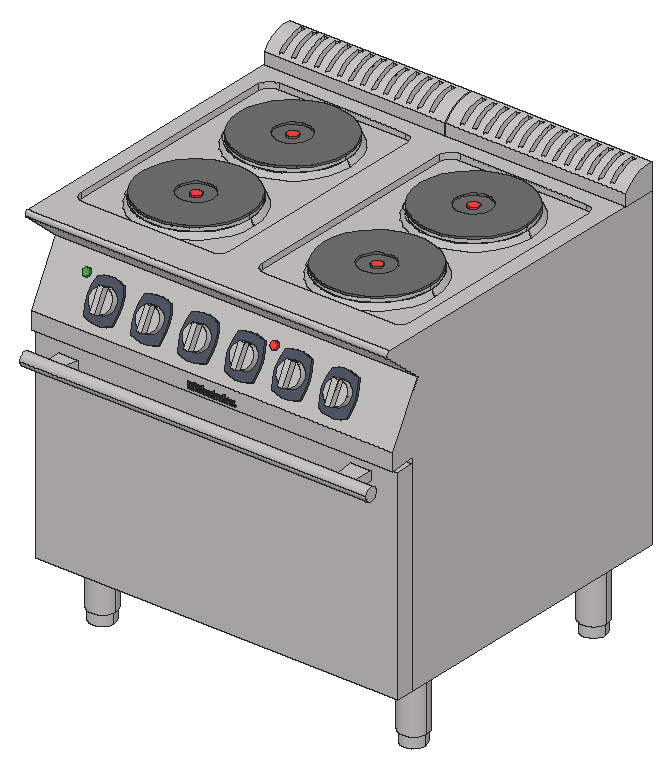
Revit family "QF_ELECTROLUXPROFESSIONAL_371128_E7ECEH4REN", category Specialty Equipment, Revit 2018
Family settings
  Round Connector Dimension = Use Diameter
  Part Type = Normal
  Work Plane-Based = No
  Always vertical = Yes
  Cut with Voids When Loaded = No
  Shared = No
  Room Calculation Point = No
Parameters
  Width = 800.1 mm  # constant formula
  Weight in Pounds = 176  # constant formula
  Watts = 16400 VA  # 16400 W
  Volts = 230 V  # constant formula
  URL Cutsheet = "www.electrolux.com/foodservice"
  URL = "www.electrolux.com/foodservice"
  Type Mark [instance] = ""
  Status [instance] = ""
  Specification by User [instance] = ""
  Specification by Manufacturer = ""
  Show Logo [instance] = yes
  Show Clearance [instance] = yes
  Serial Number = ""
  Seismic Rating = ""
  SMACNA No = ""
  Revision Code [instance] = ""
  Phase = 3  # constant formula
  Omniclass Number and Title = ""
  Number of Poles [instance] = 1
  NAFEM Spec ID Number = ""
  Model = "371128"
  Min Ckt Ampacity = 0 A
  Max Overcurrent Protection = 0 A
  Masterspec = ""
  Manufacturer = "ELECTROLUX"
  Item Number [instance] = ""
  Installed By [instance] = ""
  Identify Quantity as Lot [instance] = yes
  Height = 908.1 mm  # constant formula
  HP = "22 HP"
  Furnished By [instance] = ""
  Foodservice Equipment Identifier [instance] = yes
  FL Amps = if(Phase = 3, Watts / (Volts * 1.73), Watts / Volts)  # 41.2164 A
  Electrical Remarks [instance] = "230 V/3 ph/50/60 Hz"  # constant formula
  Electric Connection Type [instance] = ""
  Elec Conn RI Height [instance] = 0 mm
  Elec Conn Connection Height [instance] = 0 mm
  Direct Waste Size = 0"
  Description = "700XP 4 Hot Plate Electric Boiling Top 2.6KW on Electric Oven - 230V"
  Depth = 730.25 mm  # constant formula
  Cycle = if([60 Hertz Option], 60 Hz, 50 Hz)  # 60 Hz
  Conn Plug = ""
  Conn Conduit = yes
  CSI MasterFormat = ""
  CSI Master Format = ""
  Base Height [instance] = 150 mm  # constant formula
  Apparent Power = if(Phase = 3, Volts * FL Amps * 1.73, Volts * FL Amps)  # 16400 VA
  60 Hertz Option = not([50 Hertz Option])  # yes
  50 Hertz Option = no
Reference planes
  plane 1 "BACK": y = 0
  plane 2: z = 0
  plane 3 "LEFT": x = 0
  plane 4 "RIGHT": x = 800.1
  plane 5 "FRONT": y = -730.25
  plane 6 "TOP": z = 908.1
  plane 7 "Center Y": x = 400.05
  plane 8 "Center X": y = -365.125
  plane 9 "TOP A": z = 851
  plane 10: z = 150
Forms (mm)
  Extrusion 1, solid, material "QF_Finishes_Stainless Steel"
    sketch origin (0, 0, 0) x (0, 1, 0) y (0, 0, 1)
      loop
        line (0, 851) -> (-722.928, 851)
        arc (-722.928, 851) -> (-729.69, 846.314) -> (-727.679, 838.336) r 7.223
        line (-727.679, 838.336) -> (-646.919, 767.809) -> (-713.772, 646.19) -> (-713.772, 608.09) -> (-660.4, 613.7) -> (-660.4, 150) -> (0, 150) -> (0, 851)
    from 0 to 800.1
  Extrusion 2, solid, material "QF_Finishes_Clearance", visible <- "Show Clearance", detail levels coarse
    sketch origin (0, 0, 0) x (1, 0, 0) y (0, 1, 0)
      loop
        line (0, -730.25) -> (0, 0) -> (800.1, 0) -> (800.1, -730.25) -> (950.119, -730.25) -> (950.119, 150.019) -> (-150.019, 150.019) -> (-150.019, -730.25) -> (0, -730.25)
    from 0 to 908.1
  Revolve 3, solid, material "QF_Finishes_Stainless Steel"
    sketch origin (0, -587.387, 608.09) x (0, 0, 1) y (-1, 0, 0)
      loop
        line (-608.09, -56) -> (-458.09, -56) -> (-458.09, -26) -> (-583.09, -26) -> (-583.09, -29.75) -> (-608.09, -29.75) -> (-608.09, -56)
      axis (-608.09, -56) -> (-458.09, -56)
    angle from 0 to 360
  Revolve 4, solid, material "QF_Finishes_Stainless Steel"
    sketch origin (400.05, -587.387, 608.09) x (0, 0, 1) y (-1, 0, 0)
      loop
        line (-608.09, -344.05) -> (-608.09, -370.3) -> (-583.09, -370.3) -> (-583.09, -374.05) -> (-458.09, -374.05) -> (-458.09, -344.05) -> (-608.09, -344.05)
      axis (-608.09, -344.05) -> (-458.09, -344.05)
    angle from 0 to 360
  Revolve 5, solid, material "QF_Finishes_Stainless Steel"
    sketch origin (0, -90, 608.09) x (0, 0, 1) y (-1, 0, 0)
      loop
        line (-608.09, -56) -> (-458.09, -56) -> (-458.09, -26) -> (-583.09, -26) -> (-583.09, -29.75) -> (-608.09, -29.75) -> (-608.09, -56)
      axis (-608.09, -56) -> (-458.09, -56)
    angle from 0 to 360
  Revolve 6, solid, material "QF_Finishes_Stainless Steel"
    sketch origin (400.05, -90, 608.09) x (0, 0, 1) y (-1, 0, 0)
      loop
        line (-608.09, -344.05) -> (-608.09, -370.3) -> (-583.09, -370.3) -> (-583.09, -374.05) -> (-458.09, -374.05) -> (-458.09, -344.05) -> (-608.09, -344.05)
      axis (-608.09, -344.05) -> (-458.09, -344.05)
    angle from 0 to 360
  Extrusion 7, solid, material "QF_Finishes_Stainless Steel"
    sketch origin (-77.88, -4572, 150) x (-1, 0, 0) y (0, -1, 0)
      loop
        circle (-830.355, -4059.238) r 12.7
    from 3.2 to 0
  Extrusion 8, solid, material "QF_Finishes_Stainless Steel"
    sketch origin (199.231, -12.7, -7.5) x (0, 1, 0) y (0, 0, 1)
      loop
        circle (-740.063, 582.209) r 14
    from -181.531 to 583.169
  Extrusion 9, solid, material "QF_Finishes_Stainless Steel"
    sketch origin (-23.75, -12.7, 562.009) x (-1, 0, 0) y (0, -1, 0)
      loop
        line (-84.731, 741.563) -> (-118.724, 741.563) -> (-126.38, 700.088) -> (-84.731, 700.088) -> (-84.731, 741.563)
      loop
        line (-762.869, 741.563) -> (-762.869, 687.387) -> (-718.876, 687.387) -> (-728.876, 741.563) -> (-762.869, 741.563)
    from 0 to 21.491
  Extrusion 10, solid, material "QF_Finishes_Navy Blue", visible <- "Show Logo"
    sketch origin (59.194, -713.772, 608.09) x (0, 0, 1) y (-1, 0, 0)
      loop
        line (20.674, -296.698) -> (8.307, -296.698)
        arc (8.307, -296.698) -> (14.491, -301.27) -> (20.674, -296.698) r 6.467
      loop
        arc (20.674, -296.069) -> (19.505, -290.926) -> (14.849, -288.448) r 6.338
        line (14.849, -288.448) -> (14.849, -290.494)
        arc (14.849, -290.494) -> (16.333, -294.149) -> (19.778, -296.069) r 5.941
        line (19.778, -296.069) -> (20.674, -296.069)
      loop
        arc (9.203, -296.069) -> (12.648, -294.149) -> (14.132, -290.494) r 5.941
        line (14.132, -290.494) -> (14.132, -288.448)
        arc (14.132, -288.448) -> (9.438, -290.922) -> (8.148, -296.069) r 6.504
        line (8.148, -296.069) -> (9.203, -296.069)
      loop
        line (21.349, -287.979) -> (7.604, -287.979) -> (7.604, -301.742) -> (21.349, -301.742) -> (21.349, -287.979)
      loop
        arc (21.432, -304.71) -> (21.085, -304.352) -> (20.718, -304.69) r 0.358
        arc (20.718, -304.69) -> (20.404, -305.44) -> (19.687, -305.825) r 1.216
        line (19.687, -305.825) -> (9.274, -305.825)
        arc (9.274, -305.825) -> (8.614, -305.548) -> (8.218, -304.951) r 1.238
        arc (8.218, -304.951) -> (7.823, -304.7) -> (7.518, -305.054) r 0.358
        line (7.518, -305.054) -> (7.518, -314.933) -> (10.269, -314.933) -> (10.269, -314.036)
        arc (10.269, -314.036) -> (9.36, -313.456) -> (8.904, -312.479) r 1.928
        line (8.904, -312.479) -> (8.904, -309.98)
        arc (8.904, -309.98) -> (9.18, -309.251) -> (9.868, -308.887) r 1.101
        line (9.868, -308.887) -> (13.955, -308.887) -> (13.955, -312.561)
        arc (13.955, -312.561) -> (13.602, -313.058) -> (13.037, -313.286) r 1.083
        arc (13.037, -313.286) -> (12.773, -313.591) -> (13.065, -313.869) r 0.292
        line (13.065, -313.869) -> (16.028, -313.869)
        arc (16.028, -313.869) -> (16.33, -313.596) -> (16.092, -313.266) r 0.305
        arc (16.092, -313.266) -> (15.601, -313.018) -> (15.296, -312.561) r 1.083
        line (15.296, -312.561) -> (15.296, -308.887) -> (19.973, -308.887) -> (19.973, -312.635)
        arc (19.973, -312.635) -> (19.759, -313.39) -> (19.153, -313.888) r 1.314
        arc (19.153, -313.888) -> (18.934, -314.292) -> (19.288, -314.585) r 0.361
        line (19.288, -314.585) -> (21.432, -314.585) -> (21.432, -304.71)
      loop
        arc (20.715, -315.365) -> (20.335, -316.284) -> (19.416, -316.664) r 1.299
        line (19.416, -316.664) -> (9.837, -316.664)
        arc (9.837, -316.664) -> (8.999, -316.286) -> (8.728, -315.408) r 1.118
        line (8.728, -315.408) -> (7.518, -315.408) -> (7.518, -320.758) -> (8.706, -320.758)
        arc (8.706, -320.758) -> (8.978, -319.841) -> (9.848, -319.445) r 1.153
        line (9.848, -319.445) -> (21.92, -319.445) -> (20.715, -315.365)
      loop
        line (12.483, -323.394) -> (12.483, -329.842) -> (13.282, -329.842)
        arc (13.282, -329.842) -> (15.862, -328.857) -> (17.131, -326.404) r 3.874
        line (17.131, -326.404) -> (17.131, -324.643)
        arc (17.131, -324.643) -> (15.944, -321.778) -> (13.08, -320.592) r 4.051
        line (13.08, -320.592) -> (11.072, -320.592)
        arc (11.072, -320.592) -> (8.253, -322.077) -> (7.202, -325.084) r 4.352
        arc (7.202, -325.084) -> (7.566, -327.547) -> (8.943, -329.621) r 5.713
        line (8.943, -329.621) -> (9.892, -329.621)
        arc (9.892, -329.621) -> (9.16, -328.052) -> (8.943, -326.334) r 5.579
        arc (8.943, -326.334) -> (9.737, -324.371) -> (11.616, -323.394) r 3.057
        line (11.616, -323.394) -> (12.483, -323.394)
      loop
        line (13.742, -323.394) -> (13.742, -326.977)
        arc (13.742, -326.977) -> (15.199, -327.024) -> (16.082, -325.864) r 1.59
        line (16.082, -325.864) -> (16.082, -325.034)
        arc (16.082, -325.034) -> (15.217, -323.779) -> (13.742, -323.394) r 2.184
      loop
        arc (16.533, -339.259) -> (17.022, -337.585) -> (17.179, -335.848) r 9.023
        line (17.179, -335.848) -> (17.179, -334.486)
        arc (17.179, -334.486) -> (16.02, -331.686) -> (13.22, -330.527) r 3.959
        line (13.22, -330.527) -> (10.62, -330.527)
        arc (10.62, -330.527) -> (8.338, -331.819) -> (7.221, -334.192) r 4.331
        line (7.221, -334.192) -> (7.221, -336.327)
        arc (7.221, -336.327) -> (7.729, -337.877) -> (8.651, -339.223) r 5.772
        arc (8.651, -339.223) -> (9.412, -339.274) -> (9.499, -338.515) r 0.553
        arc (9.499, -338.515) -> (9.111, -337.781) -> (8.977, -336.962) r 2.573
        line (8.977, -336.962) -> (8.977, -335.447)
        arc (8.977, -335.447) -> (9.983, -333.806) -> (11.798, -333.163) r 2.884
        line (11.798, -333.163) -> (13.077, -333.163)
        arc (13.077, -333.163) -> (14.898, -333.723) -> (15.824, -335.388) r 2.554
        line (15.824, -335.388) -> (15.824, -336.441)
        arc (15.824, -336.441) -> (15.493, -337.369) -> (14.836, -338.104) r 2.564
        arc (14.836, -338.104) -> (14.614, -338.821) -> (15.223, -339.259) r 0.643
        line (15.223, -339.259) -> (16.533, -339.259)
      loop
        line (15.515, -339.53) -> (15.515, -341.031) -> (9.467, -341.031)
        arc (9.467, -341.031) -> (7.879, -341.688) -> (7.221, -343.276) r 2.246
        line (7.221, -343.276) -> (7.221, -344.86)
        arc (7.221, -344.86) -> (7.535, -345.725) -> (8.035, -346.496) r 4.06
        arc (8.035, -346.496) -> (8.768, -346.629) -> (9.019, -345.928) r 0.576
        arc (9.019, -345.928) -> (8.913, -345.403) -> (8.977, -344.87) r 1.69
        arc (8.977, -344.87) -> (9.519, -344.082) -> (10.425, -343.779) r 1.506
        line (10.425, -343.779) -> (15.563, -343.779) -> (15.563, -346.176) -> (16.119, -346.733) -> (16.941, -346.733) -> (16.941, -343.873) -> (20.172, -343.873) -> (15.515, -339.53)
      loop
        line (7.438, -347.63) -> (7.438, -353.017) -> (8.548, -353.017)
        arc (8.548, -353.017) -> (8.942, -352.066) -> (9.893, -351.672) r 1.345
        line (9.893, -351.672) -> (13.509, -351.672)
        arc (13.509, -351.672) -> (14.274, -352.264) -> (14.564, -353.186) r 1.615
        line (14.564, -353.186) -> (14.564, -354.742) -> (17.119, -355.427) -> (17.119, -354.044) -> (15.177, -351.485) -> (17.057, -351.485) -> (16.773, -348.779)
        arc (16.773, -348.779) -> (16.333, -348.249) -> (15.674, -348.45) r 0.621
        arc (15.674, -348.45) -> (15.274, -348.792) -> (14.78, -348.975) r 1.501
        line (14.78, -348.975) -> (9.893, -348.975)
        arc (9.893, -348.975) -> (8.942, -348.581) -> (8.548, -347.63) r 1.345
        line (8.548, -347.63) -> (7.438, -347.63)
      loop
        line (13.54, -354.964) -> (10.848, -354.964)
        arc (10.848, -354.964) -> (8.403, -356.272) -> (7.269, -358.803) r 4.288
        arc (7.269, -358.803) -> (7.205, -360.183) -> (7.269, -361.563) r 15.022
        arc (7.269, -361.563) -> (8.403, -364.094) -> (10.848, -365.401) r 4.288
        line (10.848, -365.401) -> (13.54, -365.401)
        arc (13.54, -365.401) -> (15.986, -364.094) -> (17.119, -361.563) r 4.288
        arc (17.119, -361.563) -> (17.183, -360.183) -> (17.119, -358.803) r 15.022
        arc (17.119, -358.803) -> (15.986, -356.272) -> (13.54, -354.964) r 4.288
      loop
        line (13.745, -358.078) -> (10.643, -358.078)
        arc (10.643, -358.078) -> (8.486, -360.235) -> (10.643, -362.392) r 2.157
        line (10.643, -362.392) -> (13.745, -362.392)
        arc (13.745, -362.392) -> (15.902, -360.235) -> (13.745, -358.078) r 2.157
      loop
        arc (20.726, -365.26) -> (20.355, -366.154) -> (19.461, -366.524) r 1.264
        line (19.461, -366.524) -> (9.597, -366.524)
        arc (9.597, -366.524) -> (8.727, -366.127) -> (8.455, -365.211) r 1.153
        line (8.455, -365.211) -> (7.518, -365.211) -> (7.518, -370.319) -> (8.446, -370.319)
        arc (8.446, -370.319) -> (8.805, -369.547) -> (9.597, -369.232) r 1.153
        line (9.597, -369.232) -> (21.92, -369.232) -> (20.726, -365.26)
      loop
        arc (15.846, -369.857) -> (15.647, -370.921) -> (14.678, -371.403) r 1.215
        line (14.678, -371.403) -> (9.658, -371.403)
        arc (9.658, -371.403) -> (8.043, -372.051) -> (7.322, -373.634) r 2.338
        line (7.322, -373.634) -> (7.322, -375.148)
        arc (7.322, -375.148) -> (7.497, -376.152) -> (7.999, -377.038) r 2.979
        line (7.999, -377.038) -> (7.518, -378.835) -> (7.518, -380.524) -> (16.943, -380.524) -> (16.649, -376.32) -> (15.863, -376.32)
        arc (15.863, -376.32) -> (15.507, -377.156) -> (14.755, -377.665) r 1.605
        line (14.755, -377.665) -> (9.652, -377.665)
        arc (9.652, -377.665) -> (9.232, -376.728) -> (9.159, -375.704) r 2.94
        arc (9.159, -375.704) -> (9.72, -374.603) -> (10.873, -374.16) r 1.724
        line (10.873, -374.16) -> (17.07, -374.16) -> (15.846, -369.857)
      loop
        line (16.874, -381.377) -> (15.202, -383.423) -> (12.028, -385.729) -> (8.572, -382.617)
        arc (8.572, -382.617) -> (8.335, -382.223) -> (8.357, -381.764) r 0.789
        line (8.357, -381.764) -> (7.518, -381.764) -> (7.518, -385.309) -> (8.344, -385.309)
        arc (8.344, -385.309) -> (8.686, -384.947) -> (9.176, -385.039) r 0.52
        line (9.176, -385.039) -> (10.976, -386.51) -> (8.858, -387.886)
        arc (8.858, -387.886) -> (8.457, -387.576) -> (8.37, -387.076) r 0.7
        line (8.37, -387.076) -> (7.518, -387.076) -> (7.518, -393.003) -> (8.405, -393.003)
        arc (8.405, -393.003) -> (8.472, -392.344) -> (8.866, -391.813) r 1.247
        line (8.866, -391.813) -> (13.066, -388.532) -> (15.513, -390.585) -> (16.874, -392.327) -> (16.874, -388.604) -> (15.389, -389.026) -> (13.868, -387.749) -> (15.568, -386.559) -> (16.874, -387.336) -> (16.874, -381.377)
    from 0 to 1.644
  Extrusion 11, solid, material "QF_Finishes_Stainless Steel"
    sketch origin (0, -660.4, 601) x (0, 0, 1) y (-1, 0, 0)
      loop
        line (0, -800.1) -> (0, 0) -> (-451, 0) -> (-451, -800.1) -> (0, -800.1)
    from 1.588 to 39.688
  Extrusion 12, solid, material "QF_Finishes_Navy Blue"
    sketch origin (-221.762, -716.743, 640.785) x (0, 0.481713, 0.876329) y (-1, 0, 0)
      loop
        arc (105.947, -332.692) -> (68.865, -323.711) -> (31.333, -330.573) r 91.844
        arc (31.333, -330.573) -> (24.206, -361.215) -> (31.333, -391.858) r 69.441
        arc (31.333, -391.858) -> (68.854, -398.569) -> (105.947, -389.79) r 93.759
        arc (105.947, -389.79) -> (112.176, -361.241) -> (105.947, -332.692) r 68.543
    from 0 to 3.175
  Extrusion 13, solid, material "QF_Finishes_Stainless Steel"
    sketch origin (-20.512, -719.526, 642.314) x (0, 0.481713, 0.876329) y (-1, 0, 0)
      loop
        circle (68.826, -160.963) r 25.4
    from 0 to 12.7
  Extrusion 14, solid, material "QF_Finishes_Stainless Steel"
    sketch origin (-20.512, -730.655, 648.432) x (0, 0.481713, 0.876329) y (-1, 0, 0)
      loop
        arc (93.558, -166.749) -> (94.226, -160.963) -> (93.558, -155.177) r 25.4
        line (93.558, -155.177) -> (44.094, -155.177)
        arc (44.094, -155.177) -> (43.426, -160.963) -> (44.094, -166.749) r 25.4
        line (44.094, -166.749) -> (93.558, -166.749)
    from 0 to 12.7
  Extrusion 15, solid, material "QF_Finishes_Green"
    sketch origin (-92.5, -696.912, 676.862) x (0, 0.481713, 0.876329) y (-1, 0, 0)
      loop
        circle (63.365, -178.251) r 8
    from 0 to 3.175
  Extrusion 16, solid, material "QF_Finishes_Door Clearance", visible <- "Show Clearance", detail levels coarse
    sketch origin (400.05, 0, 0) x (0, 1, 0) y (0, 0, 1)
      loop
        line (-700.088, 150) -> (-700.088, 601)
        arc (-700.088, 601) -> (-992.356, 454.945) -> (-1109.663, 150) r 451.686
        line (-1109.663, 150) -> (-700.088, 150)
    from -400.05 to 400.05
  Extrusion 17, solid, material "QF_Finishes_Navy Blue"
    sketch origin (297.436, -716.743, 640.785) x (0, 0.481713, 0.876329) y (-1, 0, 0)
      loop
        arc (105.947, -332.692) -> (68.865, -323.711) -> (31.333, -330.573) r 91.844
        arc (31.333, -330.573) -> (24.206, -361.215) -> (31.333, -391.858) r 69.441
        arc (31.333, -391.858) -> (68.854, -398.569) -> (105.947, -389.79) r 93.759
        arc (105.947, -389.79) -> (112.176, -361.241) -> (105.947, -332.692) r 68.543
    from 0 to 3.175
  Extrusion 18, solid, material "QF_Finishes_Stainless Steel"
    sketch origin (498.686, -719.526, 642.314) x (0, 0.481713, 0.876329) y (-1, 0, 0)
      loop
        circle (68.826, -160.963) r 25.4
    from 0 to 12.7
  Extrusion 19, solid, material "QF_Finishes_Stainless Steel"
    sketch origin (498.686, -730.655, 648.432) x (0, 0.481713, 0.876329) y (-1, 0, 0)
      loop
        arc (93.558, -166.749) -> (94.226, -160.963) -> (93.558, -155.177) r 25.4
        line (93.558, -155.177) -> (44.094, -155.177)
        arc (44.094, -155.177) -> (43.426, -160.963) -> (44.094, -166.749) r 25.4
        line (44.094, -166.749) -> (93.558, -166.749)
    from 0 to 12.7
  Extrusion 20, solid, material "QF_Finishes_Navy Blue"
    sketch origin (-117.922, -716.743, 640.785) x (0, 0.481713, 0.876329) y (-1, 0, 0)
      loop
        arc (105.947, -332.692) -> (68.865, -323.711) -> (31.333, -330.573) r 91.844
        arc (31.333, -330.573) -> (24.206, -361.215) -> (31.333, -391.858) r 69.441
        arc (31.333, -391.858) -> (68.854, -398.569) -> (105.947, -389.79) r 93.759
        arc (105.947, -389.79) -> (112.176, -361.241) -> (105.947, -332.692) r 68.543
    from 0 to 3.175
  Extrusion 21, solid, material "QF_Finishes_Stainless Steel"
    sketch origin (83.328, -719.526, 642.314) x (0, 0.481713, 0.876329) y (-1, 0, 0)
      loop
        circle (68.826, -160.963) r 25.4
    from 0 to 12.7
  Extrusion 22, solid, material "QF_Finishes_Stainless Steel"
    sketch origin (83.328, -730.655, 648.432) x (0, 0.481713, 0.876329) y (-1, 0, 0)
      loop
        arc (93.558, -166.749) -> (94.226, -160.963) -> (93.558, -155.177) r 25.4
        line (93.558, -155.177) -> (44.094, -155.177)
        arc (44.094, -155.177) -> (43.426, -160.963) -> (44.094, -166.749) r 25.4
        line (44.094, -166.749) -> (93.558, -166.749)
    from 0 to 12.7
  Extrusion 23, solid, material "QF_Finishes_Navy Blue"
    sketch origin (-14.083, -716.743, 640.785) x (0, 0.481713, 0.876329) y (-1, 0, 0)
      loop
        arc (105.947, -332.692) -> (68.865, -323.711) -> (31.333, -330.573) r 91.844
        arc (31.333, -330.573) -> (24.206, -361.215) -> (31.333, -391.858) r 69.441
        arc (31.333, -391.858) -> (68.854, -398.569) -> (105.947, -389.79) r 93.759
        arc (105.947, -389.79) -> (112.176, -361.241) -> (105.947, -332.692) r 68.543
    from 0 to 3.175
  Extrusion 24, solid, material "QF_Finishes_Stainless Steel"
    sketch origin (187.167, -719.526, 642.314) x (0, 0.481713, 0.876329) y (-1, 0, 0)
      loop
        circle (68.826, -160.963) r 25.4
    from 0 to 12.7
  Extrusion 25, solid, material "QF_Finishes_Stainless Steel"
    sketch origin (187.167, -730.655, 648.432) x (0, 0.481713, 0.876329) y (-1, 0, 0)
      loop
        arc (93.558, -166.749) -> (94.226, -160.963) -> (93.558, -155.177) r 25.4
        line (93.558, -155.177) -> (44.094, -155.177)
        arc (44.094, -155.177) -> (43.426, -160.963) -> (44.094, -166.749) r 25.4
        line (44.094, -166.749) -> (93.558, -166.749)
    from 0 to 12.7
  Extrusion 26, solid, material "QF_Finishes_Navy Blue"
    sketch origin (89.757, -716.743, 640.785) x (0, 0.481713, 0.876329) y (-1, 0, 0)
      loop
        arc (105.947, -332.692) -> (68.865, -323.711) -> (31.333, -330.573) r 91.844
        arc (31.333, -330.573) -> (24.206, -361.215) -> (31.333, -391.858) r 69.441
        arc (31.333, -391.858) -> (68.854, -398.569) -> (105.947, -389.79) r 93.759
        arc (105.947, -389.79) -> (112.176, -361.241) -> (105.947, -332.692) r 68.543
    from 0 to 3.175
  Extrusion 27, solid, material "QF_Finishes_Stainless Steel"
    sketch origin (291.007, -719.526, 642.314) x (0, 0.481713, 0.876329) y (-1, 0, 0)
      loop
        circle (68.826, -160.963) r 25.4
    from 0 to 12.7
  Extrusion 28, solid, material "QF_Finishes_Stainless Steel"
    sketch origin (291.007, -730.655, 648.432) x (0, 0.481713, 0.876329) y (-1, 0, 0)
      loop
        arc (93.558, -166.749) -> (94.226, -160.963) -> (93.558, -155.177) r 25.4
        line (93.558, -155.177) -> (44.094, -155.177)
        arc (44.094, -155.177) -> (43.426, -160.963) -> (44.094, -166.749) r 25.4
        line (44.094, -166.749) -> (93.558, -166.749)
    from 0 to 12.7
  Extrusion 29, solid, material "QF_Finishes_Navy Blue"
    sketch origin (193.596, -716.743, 640.785) x (0, 0.481713, 0.876329) y (-1, 0, 0)
      loop
        arc (105.947, -332.692) -> (68.865, -323.711) -> (31.333, -330.573) r 91.844
        arc (31.333, -330.573) -> (24.206, -361.215) -> (31.333, -391.858) r 69.441
        arc (31.333, -391.858) -> (68.854, -398.569) -> (105.947, -389.79) r 93.759
        arc (105.947, -389.79) -> (112.176, -361.241) -> (105.947, -332.692) r 68.543
    from 0 to 3.175
  Extrusion 30, solid, material "QF_Finishes_Stainless Steel"
    sketch origin (394.846, -719.526, 642.314) x (0, 0.481713, 0.876329) y (-1, 0, 0)
      loop
        circle (68.826, -160.963) r 25.4
    from 0 to 12.7
  Extrusion 31, solid, material "QF_Finishes_Stainless Steel"
    sketch origin (394.846, -730.655, 648.432) x (0, 0.481713, 0.876329) y (-1, 0, 0)
      loop
        arc (93.558, -166.749) -> (94.226, -160.963) -> (93.558, -155.177) r 25.4
        line (93.558, -155.177) -> (44.094, -155.177)
        arc (44.094, -155.177) -> (43.426, -160.963) -> (44.094, -166.749) r 25.4
        line (44.094, -166.749) -> (93.558, -166.749)
    from 0 to 12.7
  Extrusion 32, solid, material "QF_Finishes_Stainless Steel"
    sketch origin (0, 0, 576.362) x (0, 1, 0) y (0, 0, 1)
      loop
        line (0, 274.638) -> (0, 331.738)
        arc (0, 331.738) -> (-38.857, 324.552) -> (-69.85, 300.038) r 82.056
        line (-69.85, 300.038) -> (-69.85, 274.638) -> (0, 274.638)
    from 0 to 400.05
  Extrusion 33, void
    sketch origin (0, 0, 851) x (0, -1, 0) y (1, 0, 0)
      loop
        line (6.761, 29.703) -> (63.911, 29.703) -> (63.911, 38.999) -> (6.761, 38.999) -> (6.761, 29.703)
      loop
        line (63.911, 64.487) -> (6.761, 64.487) -> (6.761, 55.191) -> (63.911, 55.191) -> (63.911, 64.487)
      loop
        line (63.911, 89.975) -> (6.761, 89.975) -> (6.761, 80.68) -> (63.911, 80.68) -> (63.911, 89.975)
      loop
        line (63.911, 115.464) -> (6.761, 115.464) -> (6.761, 106.168) -> (63.911, 106.168) -> (63.911, 115.464)
      loop
        line (63.911, 140.952) -> (6.761, 140.952) -> (6.761, 131.656) -> (63.911, 131.656) -> (63.911, 140.952)
      loop
        line (63.911, 166.44) -> (6.761, 166.44) -> (6.761, 157.145) -> (63.911, 157.145) -> (63.911, 166.44)
      loop
        line (63.911, 191.929) -> (6.761, 191.929) -> (6.761, 182.633) -> (63.911, 182.633) -> (63.911, 191.929)
      loop
        line (63.911, 217.417) -> (6.761, 217.417) -> (6.761, 208.121) -> (63.911, 208.121) -> (63.911, 217.417)
      loop
        line (63.911, 242.905) -> (6.761, 242.905) -> (6.761, 233.61) -> (63.911, 233.61) -> (63.911, 242.905)
      loop
        line (63.911, 268.394) -> (6.761, 268.394) -> (6.761, 259.098) -> (63.911, 259.098) -> (63.911, 268.394)
      loop
        line (63.911, 293.882) -> (6.761, 293.882) -> (6.761, 284.586) -> (63.911, 284.586) -> (63.911, 293.882)
      loop
        line (63.911, 319.37) -> (6.761, 319.37) -> (6.761, 310.075) -> (63.911, 310.075) -> (63.911, 319.37)
      loop
        line (63.911, 344.859) -> (6.761, 344.859) -> (6.761, 335.563) -> (63.911, 335.563) -> (63.911, 344.859)
      loop
        line (63.911, 370.347) -> (6.761, 370.347) -> (6.761, 361.051) -> (63.911, 361.051) -> (63.911, 370.347)
    from 25.4 to 63.5
  Extrusion 34, void
    sketch origin (0, 0, 851) x (1, 0, 0) y (0, -1, 0)
      loop
        line (60.425, 104.885) -> (339.625, 104.885)
        arc (339.625, 104.885) -> (357.586, 112.324) -> (365.025, 130.285) r 25.4
        line (365.025, 130.285) -> (365.025, 619.485)
        arc (365.025, 619.485) -> (357.586, 637.445) -> (339.625, 644.885) r 25.4
        line (339.625, 644.885) -> (60.425, 644.885)
        arc (60.425, 644.885) -> (42.464, 637.445) -> (35.025, 619.485) r 25.4
        line (35.025, 619.485) -> (35.025, 130.285)
        arc (35.025, 130.285) -> (42.464, 112.324) -> (60.425, 104.885) r 25.4
      loop
        arc (739.675, 104.885) -> (757.636, 112.324) -> (765.075, 130.285) r 25.4
        line (765.075, 130.285) -> (765.075, 619.485)
        arc (765.075, 619.485) -> (757.636, 637.445) -> (739.675, 644.885) r 25.4
        line (739.675, 644.885) -> (460.475, 644.885)
        arc (460.475, 644.885) -> (442.514, 637.445) -> (435.075, 619.485) r 25.4
        line (435.075, 619.485) -> (435.075, 130.285)
        arc (435.075, 130.285) -> (442.514, 112.324) -> (460.475, 104.885) r 25.4
        line (460.475, 104.885) -> (739.675, 104.885)
    from 0 to 12.7
  Extrusion 35, solid, material "QF_Finishes_Stainless Steel"
    sketch origin (400.05, 0, 576.362) x (0, 1, 0) y (0, 0, 1)
      loop
        line (0, 274.638) -> (0, 331.738)
        arc (0, 331.738) -> (-38.857, 324.552) -> (-69.85, 300.038) r 82.056
        line (-69.85, 300.038) -> (-69.85, 274.638) -> (0, 274.638)
    from 0 to 400.05
  Extrusion 36, void
    sketch origin (400.05, 0, 851) x (0, -1, 0) y (1, 0, 0)
      loop
        line (6.761, 29.703) -> (63.911, 29.703) -> (63.911, 38.999) -> (6.761, 38.999) -> (6.761, 29.703)
      loop
        line (63.911, 64.487) -> (6.761, 64.487) -> (6.761, 55.191) -> (63.911, 55.191) -> (63.911, 64.487)
      loop
        line (63.911, 89.975) -> (6.761, 89.975) -> (6.761, 80.68) -> (63.911, 80.68) -> (63.911, 89.975)
      loop
        line (63.911, 115.464) -> (6.761, 115.464) -> (6.761, 106.168) -> (63.911, 106.168) -> (63.911, 115.464)
      loop
        line (63.911, 140.952) -> (6.761, 140.952) -> (6.761, 131.656) -> (63.911, 131.656) -> (63.911, 140.952)
      loop
        line (63.911, 166.44) -> (6.761, 166.44) -> (6.761, 157.145) -> (63.911, 157.145) -> (63.911, 166.44)
      loop
        line (63.911, 191.929) -> (6.761, 191.929) -> (6.761, 182.633) -> (63.911, 182.633) -> (63.911, 191.929)
      loop
        line (63.911, 217.417) -> (6.761, 217.417) -> (6.761, 208.121) -> (63.911, 208.121) -> (63.911, 217.417)
      loop
        line (63.911, 242.905) -> (6.761, 242.905) -> (6.761, 233.61) -> (63.911, 233.61) -> (63.911, 242.905)
      loop
        line (63.911, 268.394) -> (6.761, 268.394) -> (6.761, 259.098) -> (63.911, 259.098) -> (63.911, 268.394)
      loop
        line (63.911, 293.882) -> (6.761, 293.882) -> (6.761, 284.586) -> (63.911, 284.586) -> (63.911, 293.882)
      loop
        line (63.911, 319.37) -> (6.761, 319.37) -> (6.761, 310.075) -> (63.911, 310.075) -> (63.911, 319.37)
      loop
        line (63.911, 344.859) -> (6.761, 344.859) -> (6.761, 335.563) -> (63.911, 335.563) -> (63.911, 344.859)
      loop
        line (63.911, 370.347) -> (6.761, 370.347) -> (6.761, 361.051) -> (63.911, 361.051) -> (63.911, 370.347)
    from 25.4 to 63.5
  Extrusion 37, solid, material "QF_Finishes_Red"
    sketch origin (322.858, -696.912, 676.862) x (0, 0.481713, 0.876329) y (-1, 0, 0)
      loop
        circle (63.365, -178.251) r 8
    from 0 to 3.175
Cuts and joins
  joined: Extrusion 8, Extrusion 9
  Extrusion 33, Extrusion 36 cuts Extrusion 32
  Extrusion 34 cuts Extrusion 1
  Extrusion 36 cuts Extrusion 2
  Extrusion 36 cuts Extrusion 35
Lines and regions (mm)
  symbolic lines, style "QF-Clearances", visible <- "Show Clearance", detail levels coarse
    curve 1: line (-150.019, 150.019, 851) -> (-150.019, -731.627, 851)
    curve 2: line (950.119, 150.019, 851) -> (-150.019, 150.019, 851)
    curve 3: line (950.119, -731.627, 851) -> (950.119, 150.019, 851)
  symbolic lines
    curve 4: line (0, 0, 851) -> (800.1, 0, 851)
    curve 5: line (0, -730.25, 851) -> (0, 0, 851)
    curve 6: line (800.1, 0, 851) -> (800.1, -730.25, 851)
    curve 7: line (0, -69.85, 851) -> (0, -63.012, 851)
    curve 8: line (800.1, -730.25, 851) -> (0, -730.25, 851)
    curve 9: line (0, -69.85, 851) -> (800.1, -69.85, 851)
    curve 13: line (17.7, -738.763, 851) -> (17.7, -766.763, 851)
    curve 14: line (782.4, -766.763, 851) -> (17.7, -766.763, 851)
    curve 15: line (782.4, -738.763, 851) -> (782.4, -766.763, 851)
    curve 16: line (400.05, -69.85, 851) -> (400.05, -63.012, 851)
    curve 17: line (17.7, -738.763, 851) -> (782.4, -738.763, 851)
    curve 18: line (60.981, -738.763, 851) -> (60.981, -730.25, 851)
    curve 19: line (97.835, -738.763, 851) -> (99.406, -730.25, 851)
    curve 20: line (739.119, -738.763, 851) -> (739.119, -730.25, 851)
    curve 21: line (702.265, -738.763, 851) -> (700.694, -730.25, 851)
    curve 22: line (60.425, -104.885, 851) -> (339.625, -104.885, 851)
    curve 23: arc (339.625, -104.885, 851) -> (357.586, -112.324, 851) -> (365.025, -130.285, 851) r 25.4
    curve 24: line (365.025, -130.285, 851) -> (365.025, -619.485, 851)
    curve 25: arc (365.025, -619.485, 851) -> (357.586, -637.445, 851) -> (339.625, -644.885, 851) r 25.4
    curve 26: line (339.625, -644.885, 851) -> (60.425, -644.885, 851)
    curve 27: arc (60.425, -644.885, 851) -> (42.464, -637.445, 851) -> (35.025, -619.485, 851) r 25.4
    curve 28: line (35.025, -619.485, 851) -> (35.025, -130.285, 851)
    curve 29: arc (35.025, -130.285, 851) -> (42.464, -112.324, 851) -> (60.425, -104.885, 851) r 25.4
    curve 30: line (460.475, -104.885, 851) -> (739.675, -104.885, 851)
    curve 31: arc (739.675, -104.885, 851) -> (757.636, -112.324, 851) -> (765.075, -130.285, 851) r 25.4
    curve 32: line (765.075, -130.285, 851) -> (765.075, -619.485, 851)
    curve 33: arc (765.075, -619.485, 851) -> (757.636, -637.445, 851) -> (739.675, -644.885, 851) r 25.4
    curve 34: line (739.675, -644.885, 851) -> (460.475, -644.885, 851)
    curve 35: arc (460.475, -644.885, 851) -> (442.514, -637.445, 851) -> (435.075, -619.485, 851) r 25.4
    curve 36: line (435.075, -619.485, 851) -> (435.075, -130.285, 851)
    curve 37: arc (435.075, -130.285, 851) -> (442.514, -112.324, 851) -> (460.475, -104.885, 851) r 25.4
    curve 38: line (400.05, -69.85, 851) -> (400.05, 0, 851)
    curve 39: line (29.703, -6.761, 851) -> (38.999, -6.761, 851)
    curve 40: line (29.703, -63.911, 851) -> (29.703, -6.761, 851)
    curve 41: line (38.999, -63.911, 851) -> (29.703, -63.911, 851)
    curve 42: line (38.999, -6.761, 851) -> (38.999, -63.911, 851)
    curve 43: line (55.191, -6.761, 851) -> (64.487, -6.761, 851)
    curve 44: line (55.191, -63.911, 851) -> (55.191, -6.761, 851)
    curve 45: line (64.487, -63.911, 851) -> (55.191, -63.911, 851)
    curve 46: line (64.487, -6.761, 851) -> (64.487, -63.911, 851)
    curve 47: line (80.68, -6.761, 851) -> (89.975, -6.761, 851)
    curve 48: line (80.68, -63.911, 851) -> (80.68, -6.761, 851)
    curve 49: line (89.975, -63.911, 851) -> (80.68, -63.911, 851)
    curve 50: line (89.975, -6.761, 851) -> (89.975, -63.911, 851)
    curve 51: line (106.168, -6.761, 851) -> (115.464, -6.761, 851)
    curve 52: line (106.168, -63.911, 851) -> (106.168, -6.761, 851)
    curve 53: line (115.464, -63.911, 851) -> (106.168, -63.911, 851)
    curve 54: line (115.464, -6.761, 851) -> (115.464, -63.911, 851)
    curve 55: line (131.656, -6.761, 851) -> (140.952, -6.761, 851)
    curve 56: line (131.656, -63.911, 851) -> (131.656, -6.761, 851)
    curve 57: line (140.952, -63.911, 851) -> (131.656, -63.911, 851)
    curve 58: line (140.952, -6.761, 851) -> (140.952, -63.911, 851)
    curve 59: line (157.145, -6.761, 851) -> (166.44, -6.761, 851)
    curve 60: line (157.145, -63.911, 851) -> (157.145, -6.761, 851)
    curve 61: line (166.44, -63.911, 851) -> (157.145, -63.911, 851)
    curve 62: line (166.44, -6.761, 851) -> (166.44, -63.911, 851)
    curve 63: line (182.633, -6.761, 851) -> (191.929, -6.761, 851)
    curve 64: line (182.633, -63.911, 851) -> (182.633, -6.761, 851)
    curve 65: line (191.929, -63.911, 851) -> (182.633, -63.911, 851)
    curve 66: line (191.929, -6.761, 851) -> (191.929, -63.911, 851)
    curve 67: line (208.121, -6.761, 851) -> (217.417, -6.761, 851)
    curve 68: line (208.121, -63.911, 851) -> (208.121, -6.761, 851)
    curve 69: line (217.417, -63.911, 851) -> (208.121, -63.911, 851)
    curve 70: line (217.417, -6.761, 851) -> (217.417, -63.911, 851)
    curve 71: line (233.61, -6.761, 851) -> (242.905, -6.761, 851)
    curve 72: line (233.61, -63.911, 851) -> (233.61, -6.761, 851)
    curve 73: line (242.905, -63.911, 851) -> (233.61, -63.911, 851)
    curve 74: line (242.905, -6.761, 851) -> (242.905, -63.911, 851)
    curve 75: line (259.098, -6.761, 851) -> (268.394, -6.761, 851)
    curve 76: line (259.098, -63.911, 851) -> (259.098, -6.761, 851)
    curve 77: line (268.394, -63.911, 851) -> (259.098, -63.911, 851)
    curve 78: line (268.394, -6.761, 851) -> (268.394, -63.911, 851)
    curve 79: line (284.586, -6.761, 851) -> (293.882, -6.761, 851)
    curve 80: line (284.586, -63.911, 851) -> (284.586, -6.761, 851)
    curve 81: line (293.882, -63.911, 851) -> (284.586, -63.911, 851)
    curve 82: line (293.882, -6.761, 851) -> (293.882, -63.911, 851)
    curve 83: line (310.075, -6.761, 851) -> (319.37, -6.761, 851)
    curve 84: line (310.075, -63.911, 851) -> (310.075, -6.761, 851)
    curve 85: line (319.37, -63.911, 851) -> (310.075, -63.911, 851)
    curve 86: line (319.37, -6.761, 851) -> (319.37, -63.911, 851)
    curve 87: line (335.563, -6.761, 851) -> (344.859, -6.761, 851)
    curve 88: line (335.563, -63.911, 851) -> (335.563, -6.761, 851)
    curve 89: line (344.859, -63.911, 851) -> (335.563, -63.911, 851)
    curve 90: line (344.859, -6.761, 851) -> (344.859, -63.911, 851)
    curve 91: line (361.051, -6.761, 851) -> (370.347, -6.761, 851)
    curve 92: line (361.051, -63.911, 851) -> (361.051, -6.761, 851)
    curve 93: line (370.347, -63.911, 851) -> (361.051, -63.911, 851)
    curve 94: line (370.347, -6.761, 851) -> (370.347, -63.911, 851)
    curve 95: line (770.397, -6.761, 851) -> (761.101, -6.761, 851)
    curve 96: line (770.397, -63.911, 851) -> (770.397, -6.761, 851)
    curve 97: line (761.101, -63.911, 851) -> (770.397, -63.911, 851)
    curve 98: line (761.101, -6.761, 851) -> (761.101, -63.911, 851)
    curve 99: line (744.909, -6.761, 851) -> (735.613, -6.761, 851)
    curve 100: line (744.909, -63.911, 851) -> (744.909, -6.761, 851)
    curve 101: line (735.613, -63.911, 851) -> (744.909, -63.911, 851)
    curve 102: line (735.613, -6.761, 851) -> (735.613, -63.911, 851)
    curve 103: line (719.42, -6.761, 851) -> (710.125, -6.761, 851)
    curve 104: line (719.42, -63.911, 851) -> (719.42, -6.761, 851)
    curve 105: line (710.125, -63.911, 851) -> (719.42, -63.911, 851)
    curve 106: line (710.125, -6.761, 851) -> (710.125, -63.911, 851)
    curve 107: line (693.932, -6.761, 851) -> (684.636, -6.761, 851)
    curve 108: line (693.932, -63.911, 851) -> (693.932, -6.761, 851)
    curve 109: line (684.636, -63.911, 851) -> (693.932, -63.911, 851)
    curve 110: line (684.636, -6.761, 851) -> (684.636, -63.911, 851)
    curve 111: line (668.444, -6.761, 851) -> (659.148, -6.761, 851)
    curve 112: line (668.444, -63.911, 851) -> (668.444, -6.761, 851)
    curve 113: line (659.148, -63.911, 851) -> (668.444, -63.911, 851)
    curve 114: line (659.148, -6.761, 851) -> (659.148, -63.911, 851)
    curve 115: line (642.955, -6.761, 851) -> (633.66, -6.761, 851)
    curve 116: line (642.955, -63.911, 851) -> (642.955, -6.761, 851)
    curve 117: line (633.66, -63.911, 851) -> (642.955, -63.911, 851)
    curve 118: line (633.66, -6.761, 851) -> (633.66, -63.911, 851)
    curve 119: line (617.467, -6.761, 851) -> (608.171, -6.761, 851)
    curve 120: line (617.467, -63.911, 851) -> (617.467, -6.761, 851)
    curve 121: line (608.171, -63.911, 851) -> (617.467, -63.911, 851)
    curve 122: line (608.171, -6.761, 851) -> (608.171, -63.911, 851)
    curve 123: line (591.979, -6.761, 851) -> (582.683, -6.761, 851)
    curve 124: line (591.979, -63.911, 851) -> (591.979, -6.761, 851)
    curve 125: line (582.683, -63.911, 851) -> (591.979, -63.911, 851)
    curve 126: line (582.683, -6.761, 851) -> (582.683, -63.911, 851)
    curve 127: line (566.49, -6.761, 851) -> (557.195, -6.761, 851)
    curve 128: line (566.49, -63.911, 851) -> (566.49, -6.761, 851)
    curve 129: line (557.195, -63.911, 851) -> (566.49, -63.911, 851)
    curve 130: line (557.195, -6.761, 851) -> (557.195, -63.911, 851)
    curve 131: line (541.002, -6.761, 851) -> (531.706, -6.761, 851)
    curve 132: line (541.002, -63.911, 851) -> (541.002, -6.761, 851)
    curve 133: line (531.706, -63.911, 851) -> (541.002, -63.911, 851)
    curve 134: line (531.706, -6.761, 851) -> (531.706, -63.911, 851)
    curve 135: line (515.514, -6.761, 851) -> (506.218, -6.761, 851)
    curve 136: line (515.514, -63.911, 851) -> (515.514, -6.761, 851)
    curve 137: line (506.218, -63.911, 851) -> (515.514, -63.911, 851)
    curve 138: line (506.218, -6.761, 851) -> (506.218, -63.911, 851)
    curve 139: line (490.025, -6.761, 851) -> (480.73, -6.761, 851)
    curve 140: line (490.025, -63.911, 851) -> (490.025, -6.761, 851)
    curve 141: line (480.73, -63.911, 851) -> (490.025, -63.911, 851)
    curve 142: line (480.73, -6.761, 851) -> (480.73, -63.911, 851)
    curve 143: line (464.537, -6.761, 851) -> (455.241, -6.761, 851)
    curve 144: line (464.537, -63.911, 851) -> (464.537, -6.761, 851)
    curve 145: line (455.241, -63.911, 851) -> (464.537, -63.911, 851)
    curve 146: line (455.241, -6.761, 851) -> (455.241, -63.911, 851)
    curve 147: line (439.049, -6.761, 851) -> (429.753, -6.761, 851)
    curve 148: line (439.049, -63.911, 851) -> (439.049, -6.761, 851)
    curve 149: line (429.753, -63.911, 851) -> (439.049, -63.911, 851)
    curve 150: line (429.753, -6.761, 851) -> (429.753, -63.911, 851)
  symbolic lines, style "QF-Door Swings"
    curve 10: line (0, -730.25, 851) -> (0, -1109.663, 851)
    curve 11: line (0, -1109.663, 851) -> (800.1, -1109.663, 851)
    curve 12: line (800.1, -1109.663, 851) -> (800.1, -730.25, 851)
Dimensions and locks
  equal spacing: plane 3 "LEFT", plane 7 "Center Y", plane 4 "RIGHT"
  "Width": plane 3 "LEFT" to plane 4 "RIGHT"
  equal spacing: plane 5 "FRONT", plane 8 "Center X", plane 1 "BACK"
  "Depth": plane 5 "FRONT" to plane 1 "BACK"
  plane 1 "BACK" to plane 5 "FRONT" = 730.25 mm
  "Base Height": plane 10 to level
  Extrusion 7 sketch curve to plane 1 "BACK" = 512.763 mm
  Extrusion 7 sketch curve to plane 4 "RIGHT" = 47.625 mm
  "Height": plane 6 "TOP" to level
  equal spacing: group 1, group 3, group 4, group 5, group 6, group 2  (x3)
  aligned and locked: level to plane 2
  aligned and locked: plane 4 "RIGHT" to Extrusion 1
  aligned and locked: plane 6 "TOP" to Extrusion 2
Automatic sketch dimensions
  Extrusion 12 sketch curve to Extrusion 12 sketch curve = 0 mm
  Extrusion 12 sketch curve to Extrusion 12 sketch curve = 12.3 mm  (x3)
  Extrusion 12 sketch curve to Extrusion 12 sketch curve = 34.925 mm  (x2)
  Extrusion 12 sketch curve to Extrusion 12 sketch curve = 50.015 mm
  Extrusion 12 sketch curve to Extrusion 12 sketch curve = 23.66 mm
  Extrusion 12 sketch curve to Extrusion 12 sketch curve = 25.727 mm
  Extrusion 12 sketch curve to Extrusion 12 sketch curve = 30.616 mm
  Extrusion 14 sketch curve to Extrusion 14 sketch curve = 24.732 mm
  Extrusion 14 sketch curve to Extrusion 14 sketch curve = 0 mm
  Extrusion 17 sketch curve to Extrusion 17 sketch curve = 0 mm
  Extrusion 17 sketch curve to Extrusion 17 sketch curve = 12.3 mm  (x3)
  Extrusion 17 sketch curve to Extrusion 17 sketch curve = 34.925 mm  (x2)
  Extrusion 17 sketch curve to Extrusion 17 sketch curve = 50.015 mm
  Extrusion 17 sketch curve to Extrusion 17 sketch curve = 23.66 mm
  Extrusion 17 sketch curve to Extrusion 17 sketch curve = 25.727 mm
  Extrusion 17 sketch curve to Extrusion 17 sketch curve = 30.616 mm
  Extrusion 19 sketch curve to Extrusion 19 sketch curve = 24.732 mm
  Extrusion 19 sketch curve to Extrusion 19 sketch curve = 0 mm
  Extrusion 20 sketch curve to Extrusion 20 sketch curve = 0 mm
  Extrusion 20 sketch curve to Extrusion 20 sketch curve = 12.3 mm  (x3)
  Extrusion 20 sketch curve to Extrusion 20 sketch curve = 34.925 mm  (x2)
  Extrusion 20 sketch curve to Extrusion 20 sketch curve = 50.015 mm
  Extrusion 20 sketch curve to Extrusion 20 sketch curve = 23.66 mm
  Extrusion 20 sketch curve to Extrusion 20 sketch curve = 25.727 mm
  Extrusion 20 sketch curve to Extrusion 20 sketch curve = 30.616 mm
  Extrusion 22 sketch curve to Extrusion 22 sketch curve = 24.732 mm
  Extrusion 22 sketch curve to Extrusion 22 sketch curve = 0 mm
  Extrusion 23 sketch curve to Extrusion 23 sketch curve = 0 mm
  Extrusion 23 sketch curve to Extrusion 23 sketch curve = 12.3 mm  (x3)
  Extrusion 23 sketch curve to Extrusion 23 sketch curve = 34.925 mm  (x2)
  Extrusion 23 sketch curve to Extrusion 23 sketch curve = 50.015 mm
  Extrusion 23 sketch curve to Extrusion 23 sketch curve = 23.66 mm
  Extrusion 23 sketch curve to Extrusion 23 sketch curve = 25.727 mm
  Extrusion 23 sketch curve to Extrusion 23 sketch curve = 30.616 mm
  Extrusion 25 sketch curve to Extrusion 25 sketch curve = 24.732 mm
  Extrusion 25 sketch curve to Extrusion 25 sketch curve = 0 mm
  Extrusion 26 sketch curve to Extrusion 26 sketch curve = 0 mm
  Extrusion 26 sketch curve to Extrusion 26 sketch curve = 12.3 mm  (x3)
  Extrusion 26 sketch curve to Extrusion 26 sketch curve = 34.925 mm  (x2)
  Extrusion 26 sketch curve to Extrusion 26 sketch curve = 50.015 mm
  Extrusion 26 sketch curve to Extrusion 26 sketch curve = 23.66 mm
  Extrusion 26 sketch curve to Extrusion 26 sketch curve = 25.727 mm
  Extrusion 26 sketch curve to Extrusion 26 sketch curve = 30.616 mm
  Extrusion 28 sketch curve to Extrusion 28 sketch curve = 24.732 mm
  Extrusion 28 sketch curve to Extrusion 28 sketch curve = 0 mm
  Extrusion 29 sketch curve to Extrusion 29 sketch curve = 0 mm
  Extrusion 29 sketch curve to Extrusion 29 sketch curve = 12.3 mm  (x3)
  Extrusion 29 sketch curve to Extrusion 29 sketch curve = 34.925 mm  (x2)
  Extrusion 29 sketch curve to Extrusion 29 sketch curve = 50.015 mm
  Extrusion 29 sketch curve to Extrusion 29 sketch curve = 23.66 mm
  Extrusion 29 sketch curve to Extrusion 29 sketch curve = 25.727 mm
  Extrusion 29 sketch curve to Extrusion 29 sketch curve = 30.616 mm
  Extrusion 31 sketch curve to Extrusion 31 sketch curve = 24.732 mm
  Extrusion 31 sketch curve to Extrusion 31 sketch curve = 0 mm
  Extrusion 1 sketch curve to plane 9 "TOP A" = 0 mm
  Extrusion 1 sketch curve to plane 10 = 0 mm
  Extrusion 1 sketch curve to plane 1 "BACK" = 0 mm
  Extrusion 1 sketch curve to plane 5 "FRONT" = 69.85 mm
  Extrusion 1 sketch curve to plane 5 "FRONT" = 16.478 mm
  Extrusion 1 sketch curve to plane 5 "FRONT" = 7.322 mm
  Extrusion 1 sketch curve to plane 5 "FRONT" = 2.571 mm
  Extrusion 1 sketch curve to Extrusion 1 sketch curve = 38.1 mm
  Extrusion 1 sketch curve to plane 9 "TOP A" = 83.191 mm
  Extrusion 1 sketch curve to plane 9 "TOP A" = 12.664 mm
  Revolve 3 sketch curve to level = 0 mm
  Revolve 3 sketch curve to plane 10 = 0 mm  (x2)
  level to Revolve 3 sketch curve = 25 mm
  Revolve 3 sketch curve to Revolve 3 sketch curve = 20 mm
  plane 3 "LEFT" to Revolve 3 sketch curve = 56 mm
  Revolve 3 sketch curve to Revolve 3 sketch curve = 0 mm
  plane 3 "LEFT" to Revolve 3 sketch curve = 29.75 mm
  plane 3 "LEFT" to Revolve 3 sketch curve = 26 mm
  Revolve 5 sketch curve to level = 0 mm
  Revolve 5 sketch curve to plane 10 = 0 mm  (x2)
  level to Revolve 5 sketch curve = 25 mm
  Revolve 5 sketch curve to Revolve 5 sketch curve = 20 mm
  plane 3 "LEFT" to Revolve 5 sketch curve = 56 mm
  Revolve 5 sketch curve to Revolve 5 sketch curve = 0 mm
  plane 3 "LEFT" to Revolve 5 sketch curve = 29.75 mm
  plane 3 "LEFT" to Revolve 5 sketch curve = 26 mm
  plane 5 "FRONT" to Extrusion 8 sketch curve = 22.513 mm
  plane 7 "Center Y" to Extrusion 10 sketch curve = 4.003 mm
  Extrusion 10 sketch curve to Extrusion 10 sketch curve = 0 mm  (x28)
  Extrusion 10 sketch curve to Extrusion 10 sketch curve = 5.108 mm  (x2)
  Extrusion 10 sketch curve to Extrusion 10 sketch curve = 0.054 mm
  Extrusion 10 sketch curve to Extrusion 10 sketch curve = 0.218 mm
  Extrusion 10 sketch curve to Extrusion 10 sketch curve = 0.195 mm
  Extrusion 10 sketch curve to Extrusion 10 sketch curve = 0.249 mm
  Extrusion 10 sketch curve to Extrusion 10 sketch curve = 0.087 mm
  Extrusion 10 sketch curve to Extrusion 10 sketch curve = 0.358 mm
  Extrusion 10 sketch curve to Extrusion 10 sketch curve = 0.481 mm
  Extrusion 10 sketch curve to Extrusion 10 sketch curve = 0.597 mm
  Extrusion 10 sketch curve to Extrusion 10 sketch curve = 0.544 mm
  Extrusion 10 sketch curve to Extrusion 10 sketch curve = 0.936 mm
  Extrusion 10 sketch curve to Extrusion 10 sketch curve = 0.594 mm
  Extrusion 10 sketch curve to Extrusion 10 sketch curve = 0.343 mm
  Extrusion 10 sketch curve to Extrusion 10 sketch curve = 0.159 mm
  Extrusion 10 sketch curve to Extrusion 10 sketch curve = 0.826 mm
  Extrusion 10 sketch curve to Extrusion 10 sketch curve = 0.839 mm
  Extrusion 10 sketch curve to Extrusion 10 sketch curve = 0.852 mm
  Extrusion 10 sketch curve to Extrusion 10 sketch curve = 0.887 mm
  Extrusion 10 sketch curve to Extrusion 10 sketch curve = 0.928 mm
  Extrusion 10 sketch curve to Extrusion 10 sketch curve = 0.938 mm
  Extrusion 10 sketch curve to Extrusion 10 sketch curve = 0.444 mm
  Extrusion 10 sketch curve to Extrusion 10 sketch curve = 1.11 mm  (x3)
  Extrusion 10 sketch curve to Extrusion 10 sketch curve = 0.215 mm
  Extrusion 10 sketch curve to plane 7 "Center Y" = 1.633 mm
  Extrusion 10 sketch curve to Extrusion 10 sketch curve = 1.43 mm
  Extrusion 10 sketch curve to Extrusion 10 sketch curve = 1.188 mm
  Extrusion 10 sketch curve to Extrusion 10 sketch curve = 1.21 mm  (x2)
  Extrusion 10 sketch curve to Extrusion 10 sketch curve = 0.503 mm
  Extrusion 10 sketch curve to Extrusion 10 sketch curve = 0.488 mm
  Extrusion 10 sketch curve to Extrusion 10 sketch curve = 0.462 mm
  Extrusion 10 sketch curve to Extrusion 10 sketch curve = 1.386 mm
  Extrusion 10 sketch curve to Extrusion 10 sketch curve = 1.742 mm  (x2)
  Extrusion 10 sketch curve to Extrusion 10 sketch curve = 0.821 mm
  Extrusion 10 sketch curve to Extrusion 10 sketch curve = 0.497 mm
  Extrusion 10 sketch curve to Extrusion 10 sketch curve = 0.539 mm
  Extrusion 10 sketch curve to Extrusion 10 sketch curve = 0.686 mm
  Extrusion 10 sketch curve to Extrusion 10 sketch curve = 0.408 mm
  Extrusion 10 sketch curve to Extrusion 10 sketch curve = 0.743 mm
  Extrusion 10 sketch curve to Extrusion 10 sketch curve = 1.16 mm
  Extrusion 10 sketch curve to Extrusion 10 sketch curve = 0.329 mm
  Extrusion 10 sketch curve to Extrusion 10 sketch curve = 1.054 mm
  Extrusion 10 sketch curve to Extrusion 10 sketch curve = 1.056 mm
  Extrusion 10 sketch curve to Extrusion 10 sketch curve = 0.129 mm
  Extrusion 10 sketch curve to Extrusion 10 sketch curve = 0.489 mm
  Extrusion 10 sketch curve to Extrusion 10 sketch curve = 0.441 mm
  Extrusion 10 sketch curve to Extrusion 10 sketch curve = 1.151 mm
  Extrusion 10 sketch curve to Extrusion 10 sketch curve = 1.141 mm  (x2)
  Extrusion 10 sketch curve to Extrusion 10 sketch curve = 0.768 mm
  Extrusion 10 sketch curve to Extrusion 10 sketch curve = 1.653 mm
  Extrusion 10 sketch curve to Extrusion 10 sketch curve = 0.499 mm
  Extrusion 10 sketch curve to Extrusion 10 sketch curve = 0.964 mm
  Extrusion 10 sketch curve to Extrusion 10 sketch curve = 0.949 mm
  Extrusion 10 sketch curve to Extrusion 10 sketch curve = 1.345 mm  (x2)
  Extrusion 10 sketch curve to Extrusion 10 sketch curve = 0.137 mm  (x2)
  Extrusion 10 sketch curve to Extrusion 10 sketch curve = 0.432 mm
  Extrusion 10 sketch curve to Extrusion 10 sketch curve = 1.142 mm
  Extrusion 10 sketch curve to Extrusion 10 sketch curve = 0.959 mm
  Extrusion 10 sketch curve to Extrusion 10 sketch curve = 0.176 mm
  Extrusion 10 sketch curve to Extrusion 10 sketch curve = 0.728 mm
  Extrusion 10 sketch curve to Extrusion 10 sketch curve = 3.375 mm  (x2)
  Extrusion 10 sketch curve to Extrusion 10 sketch curve = 1.905 mm
  Extrusion 10 sketch curve to Extrusion 10 sketch curve = 0.955 mm
  Extrusion 10 sketch curve to Extrusion 10 sketch curve = 1.251 mm
  Extrusion 10 sketch curve to Extrusion 10 sketch curve = 0.572 mm
  Extrusion 10 sketch curve to Extrusion 10 sketch curve = 1.92 mm
  Extrusion 10 sketch curve to Extrusion 10 sketch curve = 1.224 mm
  Extrusion 10 sketch curve to Extrusion 10 sketch curve = 0.745 mm
  Extrusion 10 sketch curve to Extrusion 10 sketch curve = 2.537 mm
  Extrusion 10 sketch curve to Extrusion 10 sketch curve = 0.896 mm  (x3)
  Extrusion 10 sketch curve to Extrusion 10 sketch curve = 0.036 mm
  Extrusion 10 sketch curve to Extrusion 10 sketch curve = 2.607 mm
  Extrusion 10 sketch curve to Extrusion 10 sketch curve = 0.066 mm
  Extrusion 10 sketch curve to Extrusion 10 sketch curve = 0.248 mm
  Extrusion 10 sketch curve to Extrusion 10 sketch curve = 0.449 mm
  Extrusion 10 sketch curve to Extrusion 10 sketch curve = 1.052 mm
  Extrusion 10 sketch curve to Extrusion 10 sketch curve = 1.863 mm
  Extrusion 10 sketch curve to Extrusion 10 sketch curve = 1.31 mm  (x2)
  Extrusion 10 sketch curve to Extrusion 10 sketch curve = 0.901 mm
  Extrusion 10 sketch curve to Extrusion 10 sketch curve = 1.107 mm
  Extrusion 10 sketch curve to Extrusion 10 sketch curve = 2.122 mm
  Extrusion 10 sketch curve to Extrusion 10 sketch curve = 2.101 mm
  Extrusion 10 sketch curve to Extrusion 10 sketch curve = 0.106 mm
  Extrusion 10 sketch curve to Extrusion 10 sketch curve = 0.029 mm
  Extrusion 10 sketch curve to Extrusion 10 sketch curve = 2.09 mm
  Extrusion 10 sketch curve to Extrusion 10 sketch curve = 1.279 mm
  Extrusion 10 sketch curve to Extrusion 10 sketch curve = 2.008 mm
  Extrusion 10 sketch curve to Extrusion 10 sketch curve = 0.738 mm
  Extrusion 10 sketch curve to Extrusion 10 sketch curve = 0.382 mm
  Extrusion 10 sketch curve to Extrusion 10 sketch curve = 0.384 mm
  Extrusion 10 sketch curve to Extrusion 10 sketch curve = 0.002 mm
  Extrusion 10 sketch curve to Extrusion 10 sketch curve = 0.561 mm
  Extrusion 10 sketch curve to Extrusion 10 sketch curve = 0.592 mm
  Extrusion 10 sketch curve to Extrusion 10 sketch curve = 2.692 mm
  Extrusion 10 sketch curve to Extrusion 10 sketch curve = 1.259 mm
  Extrusion 10 sketch curve to Extrusion 10 sketch curve = 0.802 mm
  Extrusion 10 sketch curve to Extrusion 10 sketch curve = 1.024 mm
  Extrusion 10 sketch curve to Extrusion 10 sketch curve = 0.682 mm
  Extrusion 10 sketch curve to Extrusion 10 sketch curve = 5.934 mm
  Extrusion 10 sketch curve to Extrusion 10 sketch curve = 2.186 mm
  Extrusion 10 sketch curve to Extrusion 10 sketch curve = 0.337 mm
  Extrusion 10 sketch curve to Extrusion 10 sketch curve = 0.021 mm
  Extrusion 10 sketch curve to Extrusion 10 sketch curve = 1.005 mm
  Extrusion 10 sketch curve to Extrusion 10 sketch curve = 0.552 mm
  Extrusion 10 sketch curve to Extrusion 10 sketch curve = 0.778 mm
  Extrusion 10 sketch curve to Extrusion 10 sketch curve = 0.063 mm
  Extrusion 10 sketch curve to Extrusion 10 sketch curve = 1.023 mm
  Extrusion 10 sketch curve to Extrusion 10 sketch curve = 3.804 mm
  Extrusion 10 sketch curve to Extrusion 10 sketch curve = 0.486 mm
  Extrusion 10 sketch curve to Extrusion 10 sketch curve = 0.266 mm  (x2)
  Extrusion 10 sketch curve to Extrusion 10 sketch curve = 1.547 mm
  Extrusion 10 sketch curve to Extrusion 10 sketch curve = 0.717 mm  (x2)
  Extrusion 10 sketch curve to Extrusion 10 sketch curve = 1.667 mm
  Extrusion 10 sketch curve to Extrusion 10 sketch curve = 3.174 mm
  Extrusion 10 sketch curve to Extrusion 10 sketch curve = 0.388 mm
  Extrusion 10 sketch curve to Extrusion 10 sketch curve = 1.342 mm
  Extrusion 10 sketch curve to Extrusion 10 sketch curve = 1.521 mm
  Extrusion 10 sketch curve to Extrusion 10 sketch curve = 0.124 mm
  Extrusion 10 sketch curve to Extrusion 10 sketch curve = 0.291 mm
  plane 7 "Center Y" to Extrusion 10 sketch curve = 5.32 mm
  Extrusion 10 sketch curve to Extrusion 10 sketch curve = 1.049 mm  (x2)
  Extrusion 10 sketch curve to Extrusion 10 sketch curve = 1.7 mm
  Extrusion 10 sketch curve to Extrusion 10 sketch curve = 0.894 mm
  Extrusion 10 sketch curve to Extrusion 10 sketch curve = 0.989 mm
  Extrusion 10 sketch curve to Extrusion 10 sketch curve = 1.168 mm
  Extrusion 10 sketch curve to Extrusion 10 sketch curve = 1.594 mm
  Extrusion 10 sketch curve to Extrusion 10 sketch curve = 0.731 mm
  Extrusion 10 sketch curve to Extrusion 10 sketch curve = 1.566 mm
  Extrusion 10 sketch curve to Extrusion 10 sketch curve = 0.064 mm
  plane 7 "Center Y" to Extrusion 10 sketch curve = 5.876 mm
  Extrusion 10 sketch curve to Extrusion 10 sketch curve = 0.556 mm  (x2)
  Extrusion 10 sketch curve to Extrusion 10 sketch curve = 0.48 mm
  Extrusion 10 sketch curve to Extrusion 10 sketch curve = 0.228 mm
  Extrusion 10 sketch curve to Extrusion 10 sketch curve = 1.018 mm
  Extrusion 10 sketch curve to Extrusion 10 sketch curve = 0.787 mm
  Extrusion 10 sketch curve to Extrusion 10 sketch curve = 0.618 mm
  Extrusion 10 sketch curve to Extrusion 10 sketch curve = 1.672 mm
  Extrusion 10 sketch curve to Extrusion 10 sketch curve = 1.361 mm
  Extrusion 10 sketch curve to Extrusion 10 sketch curve = 0.822 mm
  Extrusion 10 sketch curve to Extrusion 10 sketch curve = 0.069 mm
  Extrusion 10 sketch curve to Extrusion 10 sketch curve = 1.88 mm
  Extrusion 10 sketch curve to Extrusion 10 sketch curve = 0.42 mm
  Extrusion 10 sketch curve to Extrusion 10 sketch curve = 0.062 mm
  Extrusion 10 sketch curve to Extrusion 10 sketch curve = 1.355 mm
  Extrusion 10 sketch curve to Extrusion 10 sketch curve = 2.34 mm
  Extrusion 10 sketch curve to Extrusion 10 sketch curve = 0.493 mm
  Extrusion 10 sketch curve to Extrusion 10 sketch curve = 0.136 mm
  Extrusion 10 sketch curve to Extrusion 10 sketch curve = 0.128 mm
  Extrusion 10 sketch curve to Extrusion 10 sketch curve = 3.616 mm
  Extrusion 10 sketch curve to Extrusion 10 sketch curve = 4.207 mm
  Extrusion 10 sketch curve to Extrusion 10 sketch curve = 0.183 mm
  Extrusion 10 sketch curve to Extrusion 10 sketch curve = 0.895 mm
  Extrusion 10 sketch curve to Extrusion 10 sketch curve = 1.314 mm
  Extrusion 10 sketch curve to Extrusion 10 sketch curve = 3.231 mm
  Extrusion 10 sketch curve to Extrusion 10 sketch curve = 1.299 mm
  Extrusion 10 sketch curve to Extrusion 10 sketch curve = 1.214 mm
  Extrusion 10 sketch curve to Extrusion 10 sketch curve = 1.264 mm
  Extrusion 10 sketch curve to Extrusion 10 sketch curve = 0.109 mm
  Extrusion 10 sketch curve to Extrusion 10 sketch curve = 0.357 mm
  Extrusion 10 sketch curve to Extrusion 10 sketch curve = 0.565 mm
  Extrusion 10 sketch curve to Extrusion 10 sketch curve = 2.504 mm
  Extrusion 10 sketch curve to Extrusion 10 sketch curve = 2.459 mm
  Extrusion 10 sketch curve to Extrusion 10 sketch curve = 1.322 mm
  Extrusion 10 sketch curve to Extrusion 10 sketch curve = 2.77 mm
